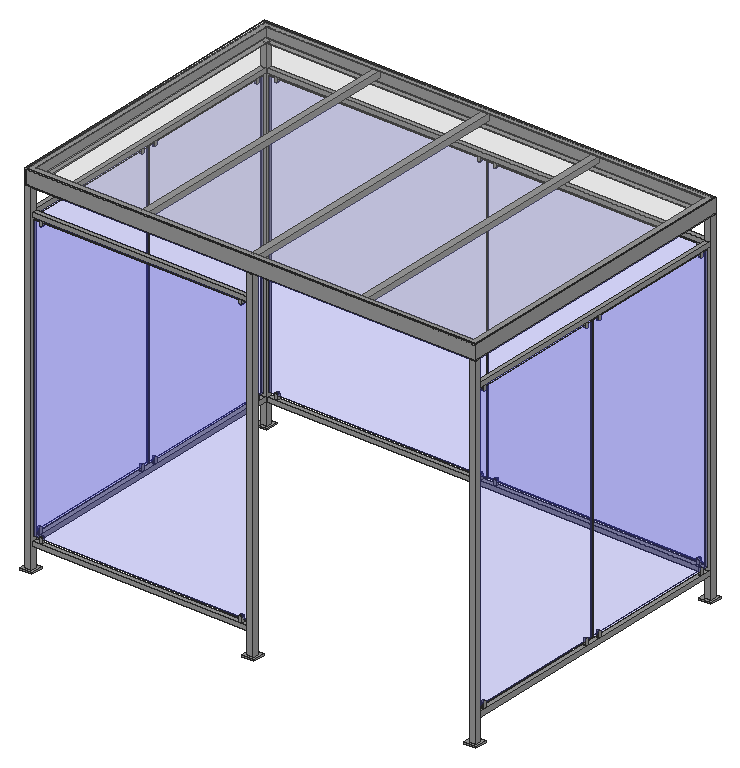
Revit family "Павильон для курения «Ареал» Арт 17270", category Антураж, Revit 2018
Family settings
  На основе рабочей плоскости = Нет
  Всегда вертикально = Да
  При загрузке вырезать с полостями = Нет
  Источник визуального образа = Геометрия семейства
  Общий = Нет
  Точка расчета площади = Нет
Parameters (values of type "Павильон для курения «Ареал»")
  Ширина = 2000 mm  # constant formula
  Цвет стекла = Стекло
  Цвет крыши = Поликарбонат
  Цвет каркаса = Сталь
  Описание = "Павильон для курения «Ареал»"  # constant formula
  Материал изделия = "Сталь, поликарбонат, закаленное стекло"  # constant formula
  Изображение типоразмера = Павильон для курения «Ареал» Арт 17270.jpg
  Изготовитель = "ООО «Хоббика»"  # constant formula
  Длина = 3000 mm  # constant formula
  Группа модели = "Навесы, перголы и ротонды"  # constant formula
  Высота = 2400 mm  # constant formula
  Артикул товара = "Арт. 17270"  # constant formula
  URL = "https://hobbyka.ru/product/pavilon_dlya_kureniya_areal/"
Reference planes
  plane 1 "По центру (Вперед/Назад)": y = 0
  plane 2: z = 0
  plane 3 "По центру (Влево/Вправо)": x = 0
  plane 4: y = 2000
  plane 5: x = 3000
  plane 6: z = 2400
Forms (mm)
  Extrusion 1, solid, material "Сталь" <- "Цвет каркаса"
    sketch origin (0, 0, 0) x (1, 0, 0) y (0, 1, 0)
      loop
        line (0, 2000) -> (0, 1960) -> (40, 1960) -> (40, 2000) -> (0, 2000)
      loop
        line (2960, 2000) -> (2960, 1960) -> (3000, 1960) -> (3000, 2000) -> (2960, 2000)
      loop
        line (0, 40) -> (0, 0) -> (40, 0) -> (40, 40) -> (0, 40)
      loop
        line (2960, 40) -> (2960, 0) -> (3000, 0) -> (3000, 40) -> (2960, 40)
      loop
        line (1480, 40) -> (1480, 0) -> (1520, 0) -> (1520, 40) -> (1480, 40)
    from 0 to 2295
  Extrusion 2, solid, material "Сталь" <- "Цвет каркаса"
    sketch origin (0, 0, 0) x (1, 0, 0) y (0, 1, 0)
      loop
        line (-20, 1940) -> (60, 1940) -> (60, 2020) -> (-20, 2020) -> (-20, 1940)
      loop
        line (60, -20) -> (60, 60) -> (-20, 60) -> (-20, -20) -> (60, -20)
      loop
        line (1540, -20) -> (1540, 60) -> (1460, 60) -> (1460, -20) -> (1540, -20)
      loop
        line (2940, 60) -> (2940, -20) -> (3020, -20) -> (3020, 60) -> (2940, 60)
      loop
        line (2940, 1940) -> (3020, 1940) -> (3020, 2020) -> (2940, 2020) -> (2940, 1940)
    from 0 to 10
  Extrusion 3, solid, material "Поликарбонат" <- "Цвет крыши"
    sketch origin (0, 0, 0) x (1, 0, 0) y (0, 1, 0)
      loop
        line (0, 2000) -> (0, 0) -> (3000, 0) -> (3000, 2000) -> (0, 2000)
    from 2395 to 2400
  Sweep 4, solid, material "Сталь" <- "Цвет каркаса"
    path origin (0, 0, 0) x (1, 0, 0) y (0, 1, 0)
      loop
        line (0, 2000) -> (0, 0) -> (3000, 0) -> (3000, 2000) -> (0, 2000)
    profile origin (1500, 2000, 0) x (0, 1, 0) y (0, 0, 1)
      loop
        line (-40, 2395) -> (-40, 2392) -> (-6, 2392)
        arc (-6, 2392) -> (-3.879, 2391.121) -> (-3, 2389) r 3
        line (-3, 2389) -> (-3, 2301)
        arc (-3, 2301) -> (-3.879, 2298.879) -> (-6, 2298) r 3
        line (-6, 2298) -> (-40, 2298) -> (-40, 2295) -> (-3, 2295)
        arc (-3, 2295) -> (-0.879, 2295.879) -> (0, 2298) r 3
        line (0, 2298) -> (0, 2392)
        arc (0, 2392) -> (-0.879, 2394.121) -> (-3, 2395) r 3
        line (-3, 2395) -> (-40, 2395)
  Extrusion 5, solid, material "Сталь" <- "Цвет каркаса"
    sketch origin (0, 0, 0) x (1, 0, 0) y (0, 1, 0)
      loop
        line (40, 1995) -> (40, 1965) -> (2960, 1965) -> (2960, 1995) -> (40, 1995)
      loop
        line (40, 35) -> (40, 5) -> (1480, 5) -> (1480, 35) -> (40, 35)
      loop
        line (5, 40) -> (35, 40) -> (35, 1960) -> (5, 1960) -> (5, 40)
      loop
        line (2965, 40) -> (2995, 40) -> (2995, 1960) -> (2965, 1960) -> (2965, 40)
    from 150 to 180
  Extrusion 6, solid, material "Сталь" <- "Цвет каркаса"
    sketch origin (0, 0, 0) x (1, 0, 0) y (0, 1, 0)
      loop
        line (40, 1995) -> (40, 1965) -> (2960, 1965) -> (2960, 1995) -> (40, 1995)
      loop
        line (40, 35) -> (40, 5) -> (1480, 5) -> (1480, 35) -> (40, 35)
      loop
        line (5, 40) -> (35, 40) -> (35, 1960) -> (5, 1960) -> (5, 40)
      loop
        line (2965, 40) -> (2995, 40) -> (2995, 1960) -> (2965, 1960) -> (2965, 40)
    from 2115 to 2145
  Extrusion 7, solid, material "Стекло" <- "Цвет стекла"
    sketch origin (0, 0, 0) x (1, 0, 0) y (0, 1, 0)
      loop
        line (45, 1985) -> (45, 1975) -> (1497.5, 1975) -> (1497.5, 1985) -> (45, 1985)
      loop
        line (2955, 1985) -> (1502.5, 1985) -> (1502.5, 1975) -> (2955, 1975) -> (2955, 1985)
      loop
        line (25, 1955) -> (15, 1955) -> (15, 1002.5) -> (25, 1002.5) -> (25, 1955)
      loop
        line (15, 45) -> (25, 45) -> (25, 997.5) -> (15, 997.5) -> (15, 45)
      loop
        line (2985, 1955) -> (2975, 1955) -> (2975, 1002.5) -> (2985, 1002.5) -> (2985, 1955)
      loop
        line (2975, 45) -> (2985, 45) -> (2985, 997.5) -> (2975, 997.5) -> (2975, 45)
      loop
        line (45, 25) -> (45, 15) -> (1475, 15) -> (1475, 25) -> (45, 25)
    from 200 to 2095
  Extrusion 8, solid, material "Сталь" <- "Цвет каркаса"
    sketch origin (0, 0, 0) x (1, 0, 0) y (0, 1, 0)
      loop
        line (750, 1965) -> (750, 35) -> (790, 35) -> (790, 1965) -> (750, 1965)
      loop
        line (1480, 1965) -> (1480, 35) -> (1520, 35) -> (1520, 1965) -> (1480, 1965)
      loop
        line (2210, 1965) -> (2210, 35) -> (2250, 35) -> (2250, 1965) -> (2210, 1965)
    from 2352 to 2392
Lines and regions (mm)
  symbolic lines
    curve 1: line (0, 2100, 0) -> (3000, 2100, 0)
    curve 2: line (1500, 2100, 0) -> (1500, 2500, 0)
Dimensions and locks
  "Ширина": plane 4 to plane 1 "По центру (Вперед/Назад)"
  "Длина": plane 3 "По центру (Влево/Вправо)" to plane 5
  "Высота": plane 6 to plane 2
  Sweep 4 to Sweep 4 = 2920 mm
  Extrusion 7 to nested 8 to nested 10 to Extrusion 7 to Extrusion 7 to nested 9 to nested 7 to Extrusion 7 = 50 mm, 852.5 mm, 50 mm, 5 mm, 50 mm, 852.5 mm, 50 mm
  aligned and locked: level to plane 2
Automatic sketch dimensions
  Extrusion 1 sketch curve to plane 3 "По центру (Влево/Вправо)" = 0 mm  (x2)
  plane 1 "По центру (Вперед/Назад)" to Extrusion 1 sketch curve = 0 mm  (x3)
  Extrusion 1 sketch curve to plane 4 = 0 mm  (x2)
  Extrusion 1 sketch curve to plane 5 = 0 mm  (x2)
  plane 3 "По центру (Влево/Вправо)" to Extrusion 1 sketch curve = 40 mm  (x2)
  Extrusion 1 sketch curve to Extrusion 1 sketch curve = 1440 mm
  Extrusion 1 sketch curve to Extrusion 1 sketch curve = 40 mm
  Extrusion 1 sketch curve to plane 5 = 40 mm  (x2)
  Extrusion 1 sketch curve to plane 1 "По центру (Вперед/Назад)" = 40 mm  (x3)
  Extrusion 1 sketch curve to plane 4 = 40 mm  (x2)
  Extrusion 2 sketch curve to plane 3 "По центру (Влево/Вправо)" = 20 mm  (x2)
  plane 3 "По центру (Влево/Вправо)" to Extrusion 2 sketch curve = 60 mm  (x2)
  plane 4 to Extrusion 2 sketch curve = 20 mm  (x2)
  plane 1 "По центру (Вперед/Назад)" to Extrusion 2 sketch curve = 20 mm  (x3)
  Extrusion 2 sketch curve to Extrusion 2 sketch curve = 1400 mm
  Extrusion 2 sketch curve to Extrusion 2 sketch curve = 80 mm
  Extrusion 2 sketch curve to plane 5 = 60 mm  (x2)
  plane 5 to Extrusion 2 sketch curve = 20 mm  (x2)
  Extrusion 2 sketch curve to plane 1 "По центру (Вперед/Назад)" = 60 mm  (x3)
  Extrusion 2 sketch curve to plane 4 = 60 mm  (x2)
  Extrusion 3 sketch curve to plane 3 "По центру (Влево/Вправо)" = 0 mm
  plane 1 "По центру (Вперед/Назад)" to Extrusion 3 sketch curve = 0 mm
  Extrusion 3 sketch curve to plane 5 = 0 mm
  Extrusion 3 sketch curve to plane 4 = 0 mm
  plane 1 "По центру (Вперед/Назад)" to Sweep 4 sketch curve = 0 mm
  Sweep 4 sketch curve to plane 3 "По центру (Влево/Вправо)" = 0 mm
  Sweep 4 sketch curve to plane 5 = 0 mm
  Sweep 4 sketch curve to plane 4 = 0 mm
  Sweep 4 sketch curve to profile plane = 0 mm
  profile plane to Sweep 4 sketch curve = 3 mm  (x2)
  Sweep 4 sketch curve to Sweep 4 sketch curve = 0 mm  (x2)
  Sweep 4 sketch curve to Sweep 4 sketch curve = 3 mm  (x3)
  Sweep 4 sketch curve to Sweep 4 sketch curve = 34 mm  (x2)
  level to Sweep 4 sketch curve = 2295 mm
  Sweep 4 sketch curve to Sweep 4 sketch curve = 88 mm
  plane 3 "По центру (Влево/Вправо)" to Extrusion 7 sketch curve = 15 mm  (x2)
  Extrusion 7 sketch curve to Extrusion 7 sketch curve = 10 mm  (x5)
  Extrusion 7 sketch curve to Extrusion 7 sketch curve = 0 mm  (x3)
  Extrusion 7 sketch curve to plane 4 = 15 mm  (x2)
  Extrusion 7 sketch curve to Extrusion 7 sketch curve = 20 mm  (x3)
  Extrusion 7 sketch curve to Extrusion 7 sketch curve = 1450 mm
  Extrusion 7 sketch curve to Extrusion 7 sketch curve = 1452.5 mm
  Extrusion 7 sketch curve to Extrusion 7 sketch curve = 5 mm  (x3)
  Extrusion 7 sketch curve to plane 5 = 45 mm
  Extrusion 7 sketch curve to plane 5 = 25 mm
  Extrusion 7 sketch curve to plane 1 "По центру (Вперед/Назад)" = 45 mm
  Extrusion 7 sketch curve to Extrusion 7 sketch curve = 952.5 mm  (x2)
  Extrusion 7 sketch curve to Extrusion 7 sketch curve = 30 mm
  Extrusion 7 sketch curve to plane 4 = 45 mm
  Extrusion 7 sketch curve to plane 1 "По центру (Вперед/Назад)" = 15 mm
  curve 1 to plane 3 "По центру (Влево/Вправо)" = 0 mm
  curve 1 to plane 5 = 0 mm
  plane 4 to curve 1 = 100 mm
  plane 3 "По центру (Влево/Вправо)" to curve 2 = 1500 mm
  curve 2 to curve 2 = 400 mm
  plane 3 "По центру (Влево/Вправо)" to Extrusion 5 sketch curve = 5 mm
  Extrusion 5 sketch curve to Extrusion 5 sketch curve = 30 mm
  Extrusion 5 sketch curve to Extrusion 5 sketch curve = 5 mm  (x4)
  Extrusion 5 sketch curve to plane 1 "По центру (Вперед/Назад)" = 35 mm
  Extrusion 5 sketch curve to Extrusion 5 sketch curve = 1440 mm
  Extrusion 5 sketch curve to plane 4 = 5 mm
  Extrusion 5 sketch curve to plane 5 = 40 mm
  Extrusion 5 sketch curve to plane 5 = 35 mm
  Extrusion 5 sketch curve to plane 5 = 5 mm
  Extrusion 5 sketch curve to plane 1 "По центру (Вперед/Назад)" = 5 mm
  Extrusion 5 sketch curve to plane 1 "По центру (Вперед/Назад)" = 40 mm
  Extrusion 5 sketch curve to plane 4 = 40 mm  (x2)
  plane 3 "По центру (Влево/Вправо)" to Extrusion 6 sketch curve = 5 mm
  Extrusion 6 sketch curve to Extrusion 6 sketch curve = 30 mm
  Extrusion 6 sketch curve to Extrusion 6 sketch curve = 5 mm  (x4)
  Extrusion 6 sketch curve to plane 1 "По центру (Вперед/Назад)" = 35 mm
  Extrusion 6 sketch curve to Extrusion 6 sketch curve = 1440 mm
  Extrusion 6 sketch curve to plane 4 = 5 mm
  Extrusion 6 sketch curve to plane 5 = 40 mm
  Extrusion 6 sketch curve to plane 5 = 35 mm
  Extrusion 6 sketch curve to plane 5 = 5 mm
  Extrusion 6 sketch curve to plane 1 "По центру (Вперед/Назад)" = 5 mm
  Extrusion 6 sketch curve to plane 1 "По центру (Вперед/Назад)" = 40 mm
  Extrusion 6 sketch curve to plane 4 = 40 mm  (x2)
  Extrusion 8 sketch curve to plane 1 "По центру (Вперед/Назад)" = 35 mm  (x3)
  plane 3 "По центру (Влево/Вправо)" to Extrusion 8 sketch curve = 750 mm
  Extrusion 8 sketch curve to Extrusion 8 sketch curve = 40 mm  (x3)
  Extrusion 8 sketch curve to plane 4 = 35 mm  (x3)
  Extrusion 8 sketch curve to Extrusion 8 sketch curve = 690 mm  (x2)
Nested families
  nested 1: "Стеклодержатель" at (95, 1980, 180), type "Нижнее крепление"
  nested 2: "Стеклодержатель" at (1447.5, 1980, 180), type "Нижнее крепление"
  nested 3: "Стеклодержатель" at (2905, 1980, 180) x (-1, 0, 0) z (0, 0, 1), type "Нижнее крепление"
  nested 4: "Стеклодержатель" at (1552.5, 1980, 180) x (-1, 0, 0) z (0, 0, 1), type "Нижнее крепление"
  nested 5: "Стеклодержатель" at (95, 20, 180), type "Нижнее крепление"
  nested 6: "Стеклодержатель" at (1425, 20, 180), type "Нижнее крепление"
  nested 7: "Стеклодержатель" at (20, 95, 180) x (0, 1, 0) z (0, 0, 1), type "Нижнее крепление"
  nested 8: "Стеклодержатель" at (20, 1905, 180) x (0, 1, 0) z (0, 0, 1), type "Нижнее крепление"
  nested 9: "Стеклодержатель" at (20, 947.5, 180) x (0, 1, 0) z (0, 0, 1), type "Нижнее крепление"
  nested 10: "Стеклодержатель" at (20, 1052.5, 180) x (0, 1, 0) z (0, 0, 1), type "Нижнее крепление"
  nested 11: "Стеклодержатель" at (2980, 95, 180) x (0, 1, 0) z (0, 0, 1), type "Нижнее крепление"
  nested 12: "Стеклодержатель" at (2980, 1905, 180) x (0, 1, 0) z (0, 0, 1), type "Нижнее крепление"
  nested 13: "Стеклодержатель" at (2980, 947.5, 180) x (0, 1, 0) z (0, 0, 1), type "Нижнее крепление"
  nested 14: "Стеклодержатель" at (2980, 1052.5, 180) x (0, 1, 0) z (0, 0, 1), type "Нижнее крепление"
  nested 15: "Стеклодержатель" at (95, 1980, 2115), type "Верхнее крепление"
  nested 16: "Стеклодержатель" at (1447.5, 1980, 2115), type "Верхнее крепление"
  nested 17: "Стеклодержатель" at (2905, 1980, 2115) x (-1, 0, 0) z (0, 0, 1), type "Верхнее крепление"
  nested 18: "Стеклодержатель" at (1552.5, 1980, 2115) x (-1, 0, 0) z (0, 0, 1), type "Верхнее крепление"
  nested 19: "Стеклодержатель" at (95, 20, 2115), type "Верхнее крепление"
  nested 20: "Стеклодержатель" at (1425, 20, 2115), type "Верхнее крепление"
  nested 21: "Стеклодержатель" at (20, 95, 2115) x (0, 1, 0) z (0, 0, 1), type "Верхнее крепление"
  nested 22: "Стеклодержатель" at (20, 1905, 2115) x (0, 1, 0) z (0, 0, 1), type "Верхнее крепление"
  nested 23: "Стеклодержатель" at (20, 947.5, 2115) x (0, 1, 0) z (0, 0, 1), type "Верхнее крепление"
  nested 24: "Стеклодержатель" at (20, 1052.5, 2115) x (0, 1, 0) z (0, 0, 1), type "Верхнее крепление"
  nested 25: "Стеклодержатель" at (2980, 95, 2115) x (0, 1, 0) z (0, 0, 1), type "Верхнее крепление"
  nested 26: "Стеклодержатель" at (2980, 1905, 2115) x (0, 1, 0) z (0, 0, 1), type "Верхнее крепление"
  nested 27: "Стеклодержатель" at (2980, 947.5, 2115) x (0, 1, 0) z (0, 0, 1), type "Верхнее крепление"
  nested 28: "Стеклодержатель" at (2980, 1052.5, 2115) x (0, 1, 0) z (0, 0, 1), type "Верхнее крепление"
Definition of nested family "Стеклодержатель"
  Parameters (values of type "Верхнее крепление")
    Цвет = none
    Нижнее кепление = not(Верхнее крепление)  # no
    Height = 0 mm
    Верхнее крепление = yes
  Types (3, lengths in mm): name | Нижнее кепление | Верхнее крепление
    (no name) | no | yes
    Нижнее крепление | yes | no
    Верхнее крепление | no | yes
  Reference planes
    plane 1 "По центру (Вперед/Назад)": y = 0
    plane 2: z = 0
    plane 3 "По центру (Влево/Вправо)": x = 0
  Forms (mm)
    Extrusion 1, solid, material <- "Цвет", visible <- "Нижнее кепление"
      sketch origin (0, 0, 0) x (0, 1, 0) y (0, 0, 1)
        loop
          line (-7, 40) -> (-7, 0) -> (7, 0) -> (7, 40) -> (5, 40) -> (5, 2) -> (-5, 2) -> (-5, 40) -> (-7, 40)
      from -10 to 10
    Extrusion 2, void
      sketch origin (0, 0, 0) x (1, 0, 0) y (0, 0, 1)
        loop
          arc (-10, 30) -> (0, 40) -> (10, 30) r 10
          line (10, 30) -> (10, 42.68) -> (-10, 42.68) -> (-10, 30)
      from -7 to 7
    Extrusion 3, solid, material <- "Цвет", visible <- "Верхнее крепление"
      sketch origin (0, 0, 0) x (0, 1, 0) y (0, 0, 1)
        loop
          line (-7, -40) -> (-5, -40) -> (-5, -2) -> (5, -2) -> (5, -40) -> (7, -40) -> (7, 0) -> (-7, 0) -> (-7, -40)
      from -10 to 10
    Extrusion 4, void
      sketch origin (0, 0, 0) x (1, 0, 0) y (0, 0, 1)
        loop
          line (-10, -30) -> (-10, -42.68) -> (10, -42.68) -> (10, -30)
          arc (10, -30) -> (0, -40) -> (-10, -30) r 10
      from -7 to 7
  Cuts and joins
    Extrusion 2, Extrusion 4 cuts Extrusion 1
    Extrusion 4 cuts Extrusion 3
  Dimensions and locks
    aligned and locked: level to plane 2
